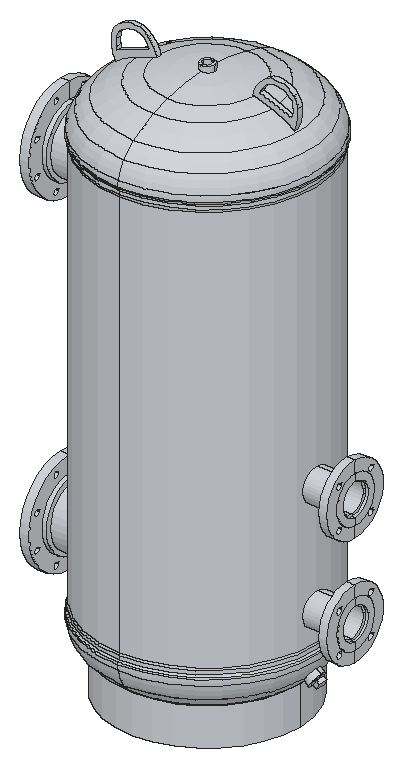
Revit family "HBT-120-36", category Generic Models, Revit 2014
Parameters (values of type "HBT-120-36")
  URL = "http://westank.com/"
  Tank Volume = 120.0 gal
  Part Number = 55641236
  Model = "HBT-120-36"
  Maximum Shipping Weight = 274 lbf
  G = 12"
  B = 6"
  Description = "Wessels ASME 4-port primary-secondary Hot Water Buffer Tanks (HBT) are designed for use with today’s high efficiency systems that incorporate small modular low-mass boilers."
  D = 60"
  C = 24"
  E = 48"
  F = 24"
  A = 3"
Reference planes (in)
  plane 1 "Center (Front/Back)": y = 0
  plane 2: z = 0
  plane 3 "Center (Left/Right)": x = 0
  plane 4: through (12.55282, -180, 5.24135) normal (0.8192, 0, -0.5736)
  plane 5: z = 0
  plane 6: x = -0.0258
  plane 7: x = -12
  plane 8: x = 12
  plane 9: z = 60
  plane 10: z = 12
  plane 11: z = 24
  plane 12: z = 48
Forms (in)
  Revolve 1, solid
    sketch origin (0, -0.02461, 0) x (0, 1, 0) y (0, 0, 1)
      loop
        line (-11.72943, 8.77243) -> (-11.78566, 8.52884) -> (-11.78566, 8.13478)
        arc (-11.78566, 8.13478) -> (-11.81912, 8.00062) -> (-11.91164, 7.89786) r 0.28578
        arc (-11.91164, 7.89786) -> (-11.95692, 7.81968) -> (-11.97558, 7.73128) r 0.28631
        arc (-11.97558, 7.73128) -> (-11.97245, 7.42046) -> (-11.93229, 7.11223) r 2.60351
        arc (-11.93229, 7.11223) -> (-11.64697, 6.20299) -> (-11.16219, 5.38255) r 4.15957
        arc (-11.16219, 5.38255) -> (-10.55779, 4.71313) -> (-9.84784, 4.1569) r 5.25551
        arc (-9.84784, 4.1569) -> (-8.58434, 3.33811) -> (-7.19899, 2.74848) r 8.73435
        arc (-7.19899, 2.74848) -> (-6.25875, 2.4064) -> (-5.29808, 2.12676) r 15.23806
        arc (-5.29808, 2.12676) -> (-2.65772, 1.62908) -> (0.02461, 1.47321) r 20.96361
        line (0.02461, 1.47321) -> (0.02461, 1.61775)
        arc (0.02461, 1.61775) -> (-2.63967, 1.77249) -> (-5.26227, 2.26678) r 20.81908
        arc (-5.26227, 2.26678) -> (-6.21608, 2.54451) -> (-7.14956, 2.88438) r 15.09353
        arc (-7.14956, 2.88438) -> (-8.51704, 3.46602) -> (-9.7638, 4.27464) r 8.58982
        arc (-9.7638, 4.27464) -> (-10.45704, 4.8168) -> (-11.047, 5.46985) r 5.11098
        arc (-11.047, 5.46985) -> (-11.51493, 6.26178) -> (-11.79034, 7.13942) r 4.01504
        arc (-11.79034, 7.13942) -> (-11.82827, 7.43054) -> (-11.83123, 7.72411) r 2.45898
        arc (-11.83123, 7.72411) -> (-11.82458, 7.76052) -> (-11.80874, 7.79397) r 0.14178
        arc (-11.80874, 7.79397) -> (-11.69341, 7.92922) -> (-11.64258, 8.09956) r 0.43032
        line (-11.64258, 8.09956) -> (-11.64258, 8.4958) -> (-11.58634, 8.7394) -> (-11.58634, 52.73382) -> (-11.64258, 52.97741) -> (-11.64258, 53.37366)
        arc (-11.64258, 53.37366) -> (-11.69341, 53.54399) -> (-11.80874, 53.67925) r 0.43032
        arc (-11.80874, 53.67925) -> (-11.82458, 53.7127) -> (-11.83123, 53.7491) r 0.14178
        arc (-11.83123, 53.7491) -> (-11.82827, 54.04267) -> (-11.79034, 54.33379) r 2.45898
        arc (-11.79034, 54.33379) -> (-11.51493, 55.21144) -> (-11.047, 56.00337) r 4.01504
        arc (-11.047, 56.00337) -> (-10.45704, 56.65641) -> (-9.7638, 57.19857) r 5.11098
        arc (-9.7638, 57.19857) -> (-8.51704, 58.00719) -> (-7.14956, 58.58883) r 8.58982
        arc (-7.14956, 58.58883) -> (-6.21608, 58.9287) -> (-5.26227, 59.20643) r 15.09353
        arc (-5.26227, 59.20643) -> (-2.63967, 59.70073) -> (0.02461, 59.85547) r 20.81908
        line (0.02461, 59.85547) -> (0.02461, 60)
        arc (0.02461, 60) -> (-2.65772, 59.84413) -> (-5.29808, 59.34646) r 20.96361
        arc (-5.29808, 59.34646) -> (-6.25875, 59.06681) -> (-7.19899, 58.72473) r 15.23806
        arc (-7.19899, 58.72473) -> (-8.58434, 58.1351) -> (-9.84784, 57.31632) r 8.73435
        arc (-9.84784, 57.31632) -> (-10.55779, 56.76009) -> (-11.16219, 56.09066) r 5.25551
        arc (-11.16219, 56.09066) -> (-11.64697, 55.27022) -> (-11.93229, 54.36098) r 4.15957
        arc (-11.93229, 54.36098) -> (-11.97245, 54.05275) -> (-11.97558, 53.74193) r 2.60351
        arc (-11.97558, 53.74193) -> (-11.95692, 53.65354) -> (-11.91164, 53.57536) r 0.28631
        arc (-11.91164, 53.57536) -> (-11.81912, 53.4726) -> (-11.78566, 53.33843) r 0.28578
        line (-11.78566, 53.33843) -> (-11.78566, 52.94437) -> (-11.72943, 52.70078) -> (-11.72943, 8.77243)
      axis (0.02461, 1.47321) -> (0.02461, 60)
    angle from 0 to 360
  Revolve 2, solid
    sketch origin (-13.31312, 0, -17.60969) x (0.999996, 0, -0.002792) y (0.002792, 0, 0.999996)
      loop
        line (24.95603, 23.79747) -> (24.90436, 23.83351) -> (24.49286, 23.24353) -> (25.10843, 22.81419) -> (25.48438, 23.35322) -> (25.43312, 23.38897) -> (25.55755, 23.56737) -> (25.04492, 23.92491) -> (24.95603, 23.79747)
      axis (24.49286, 23.24353) -> (25.10843, 22.81419)
    angle from 0 to 360
  Extrusion 3, solid
    sketch origin (11.29211, -180, 6.1145) x (0.574357, 0, 0.818605) y (0, -1, 0)
      loop
        line (-0.16036, -179.52645) -> (-0.95521, -179.68698) -> (-0.79485, -180.48095) -> (0, -180.32042) -> (-0.16036, -179.52645)
    from 1.02698 to 1.52678
  Extrusion 4, solid
    sketch origin (0, 0, 0) x (1, 0, 0) y (0, 1, 0)
      loop
        circle (0, 0) r 0.75
      loop
        circle (0, 0) r 0.5
    from 59.84944 to 60.51895
  Extrusion 5, void
    sketch origin (0, 0, 0) x (1, 0, 0) y (0, 1, 0)
      loop
        circle (0, 0) r 0.5
    from 55.71073 to 62.35572
  Revolve 6, solid
    sketch origin (0, 0, 0) x (1, 0, 0) y (0, 0, 1)
      loop
        line (9.87341, 4.12139) -> (9.87341, 0) -> (9.99844, 0) -> (9.99844, 4.12139) -> (9.87341, 4.12139)
      axis (0, 4.12139) -> (0, 0)
    angle from 0 to 360
  Extrusion 7, solid
    sketch origin (-25.94969, -0.08071, 39.84854) x (0.34202, 0, -0.939693) y (0.939693, 0, 0.34202)
      loop
        arc (-11.9298, 25.67102) -> (-12.15596, 25.63246) -> (-12.38023, 25.58408) r 5.2625
        arc (-12.38023, 25.58408) -> (-12.78497, 25.45482) -> (-13.16591, 25.26664) r 2.84116
        arc (-13.16591, 25.26664) -> (-13.45733, 25.04186) -> (-13.68503, 24.75271) r 1.49558
        arc (-13.68503, 24.75271) -> (-13.8, 24.46408) -> (-13.86349, 24.15994) r 1.7957
        arc (-13.86349, 24.15994) -> (-13.88475, 23.80361) -> (-13.86349, 23.44728) r 2.99674
        arc (-13.86349, 23.44728) -> (-13.79114, 23.11862) -> (-13.65649, 22.81019) r 1.72881
        arc (-13.65649, 22.81019) -> (-13.39922, 22.48527) -> (-13.05253, 22.25816) r 1.29608
        arc (-13.05253, 22.25816) -> (-12.66159, 22.07193) -> (-12.239, 21.97739) r 1.9331
        arc (-12.239, 21.97739) -> (-12.08496, 21.94521) -> (-11.9298, 21.91889) r 4.14312
        line (-11.9298, 21.91889) -> (-11.9298, 25.67102)
      loop
        line (-10.9298, 21.34797) -> (-10.9298, 26.14148)
        arc (-10.9298, 26.14148) -> (-11.99706, 26.18465) -> (-13.02719, 25.90227) r 3.48194
        arc (-13.02719, 25.90227) -> (-13.54727, 25.6041) -> (-13.99851, 25.20943) r 3.03185
        arc (-13.99851, 25.20943) -> (-14.28248, 24.55653) -> (-14.39992, 23.8543) r 2.91879
        arc (-14.39992, 23.8543) -> (-14.3348, 23.1787) -> (-14.08611, 22.54717) r 2.44012
        arc (-14.08611, 22.54717) -> (-13.716, 22.08641) -> (-13.21844, 21.76749) r 1.83162
        arc (-13.21844, 21.76749) -> (-12.09799, 21.42749) -> (-10.9298, 21.34797) r 5.1769
    from -0.24366 to 0.25634
  Extrusion 8, solid
    sketch origin (25.94969, -0.08071, 39.84854) x (-0.34202, 0, -0.939693) y (0.939693, 0, -0.34202)
      loop
        line (-11.9298, -25.67102) -> (-11.9298, -21.91889)
        arc (-11.9298, -21.91889) -> (-12.08496, -21.94521) -> (-12.239, -21.97739) r 4.14312
        arc (-12.239, -21.97739) -> (-12.66159, -22.07193) -> (-13.05253, -22.25816) r 1.9331
        arc (-13.05253, -22.25816) -> (-13.39922, -22.48527) -> (-13.65649, -22.81019) r 1.29608
        arc (-13.65649, -22.81019) -> (-13.79114, -23.11862) -> (-13.86349, -23.44728) r 1.72881
        arc (-13.86349, -23.44728) -> (-13.88475, -23.80361) -> (-13.86349, -24.15994) r 2.99674
        arc (-13.86349, -24.15994) -> (-13.8, -24.46408) -> (-13.68503, -24.75271) r 1.7957
        arc (-13.68503, -24.75271) -> (-13.45733, -25.04186) -> (-13.16591, -25.26664) r 1.49558
        arc (-13.16591, -25.26664) -> (-12.78497, -25.45482) -> (-12.38023, -25.58408) r 2.84116
        arc (-12.38023, -25.58408) -> (-12.15596, -25.63246) -> (-11.9298, -25.67102) r 5.2625
      loop
        arc (-10.9298, -21.34797) -> (-12.09799, -21.42749) -> (-13.21844, -21.76749) r 5.1769
        arc (-13.21844, -21.76749) -> (-13.716, -22.08641) -> (-14.08611, -22.54717) r 1.83162
        arc (-14.08611, -22.54717) -> (-14.3348, -23.1787) -> (-14.39992, -23.8543) r 2.44012
        arc (-14.39992, -23.8543) -> (-14.28248, -24.55653) -> (-13.99851, -25.20943) r 2.91879
        arc (-13.99851, -25.20943) -> (-13.54727, -25.6041) -> (-13.02719, -25.90227) r 3.03185
        arc (-13.02719, -25.90227) -> (-11.99706, -26.18465) -> (-10.9298, -26.14148) r 3.48194
        line (-10.9298, -26.14148) -> (-10.9298, -21.34797)
    from -0.24366 to 0.25634
  Revolve 9, solid
    sketch origin (5.13777, 0, 34.501) x (-1, 0, 0) y (0, 0, 1)
      loop
        line (19.41788, 10.1865) -> (19.41788, 9.71776) -> (19.98038, 9.71776) -> (19.98038, 7.99898) -> (20.91788, 7.99898) -> (20.91788, 9.249) -> (20.98046, 9.249) -> (20.98046, 10.1865) -> (19.41788, 10.1865)
      axis (20.98046, 13.499) -> (19.41788, 13.499)
    angle from 0 to 360
  Revolve 10, solid
    sketch origin (5.13777, 0, 34.501) x (1, 0, 0) y (0, 0, 1)
      loop
        line (-16.10538, 10.46639) -> (-20.48038, 10.46639) -> (-20.48038, 10.1865) -> (-16.10538, 10.1865) -> (-16.10538, 10.46639)
      axis (-20.48038, 13.499) -> (-16.10538, 13.499)
    angle from 0 to 360
  Extrusion 11, void
    sketch origin (3.1573, 0, -13.5) x (0, 1, 0) y (0, 0, 1)
      loop
        circle (0, 61.5) r 3.03261
    from -20.59822 to -10.25113
  Extrusion 12, void
    sketch origin (-25.09253, 0, 33) x (0, 1, 0) y (0, 0, -1)
      loop
        circle (1.8293, -19.40344) r 0.3623
      loop
        circle (-1.81148, -19.36766) r 0.3655
      loop
        circle (-4.38451, -16.7939) r 0.36521
      loop
        circle (-4.38301, -13.16716) r 0.36795
      loop
        circle (-1.81312, -10.60392) r 0.36863
      loop
        circle (1.81348, -10.60024) r 0.35944
      loop
        circle (4.38824, -13.18878) r 0.38414
      loop
        circle (4.41227, -16.80764) r 0.36614
    from -11.82382 to -7.65161
  Revolve 13, solid
    sketch origin (5.13777, 0, -1.499) x (-1, 0, 0) y (0, 0, 1)
      loop
        line (19.41788, 10.1865) -> (19.41788, 9.71776) -> (19.98038, 9.71776) -> (19.98038, 7.99898) -> (20.91788, 7.99898) -> (20.91788, 9.249) -> (20.98046, 9.249) -> (20.98046, 10.1865) -> (19.41788, 10.1865)
      axis (20.98046, 13.499) -> (19.41788, 13.499)
    angle from 0 to 360
  Revolve 14, solid
    sketch origin (5.13777, 0, -1.499) x (1, 0, 0) y (0, 0, 1)
      loop
        line (-16.10538, 10.46639) -> (-20.48038, 10.46639) -> (-20.48038, 10.1865) -> (-16.10538, 10.1865) -> (-16.10538, 10.46639)
      axis (-20.48038, 13.499) -> (-16.10538, 13.499)
    angle from 0 to 360
  Extrusion 15, void
    sketch origin (3.1573, 0, -49.5) x (0, 1, 0) y (0, 0, 1)
      loop
        circle (0, 61.5) r 3.03261
    from -20.59822 to -10.25113
  Extrusion 16, void
    sketch origin (-25.09253, 0, -3) x (0, 1, 0) y (0, 0, -1)
      loop
        circle (1.8293, -19.40344) r 0.3623
      loop
        circle (-1.81148, -19.36766) r 0.3655
      loop
        circle (-4.38451, -16.7939) r 0.36521
      loop
        circle (-4.38301, -13.16716) r 0.36795
      loop
        circle (-1.81312, -10.60392) r 0.36863
      loop
        circle (1.81348, -10.60024) r 0.35944
      loop
        circle (4.38824, -13.18878) r 0.38414
      loop
        circle (4.41227, -16.80764) r 0.36614
    from -11.82382 to -7.65161
  Extrusion 17, void
    sketch origin (0, 0, 0.25) x (0, 1, 0) y (0, 0, 1)
      loop
        circle (0, 23.7482) r 1.53402
    from 8.71275 to 17.27456
  Extrusion 18, void
    sketch origin (0, 0, 0) x (0, 1, 0) y (0, 0, 1)
      loop
        circle (2.14269, 26.08378) r 0.37667
      loop
        circle (2.10148, 21.85286) r 0.37667
      loop
        circle (-2.14269, 26.12499) r 0.37667
      loop
        circle (-2.15642, 21.89407) r 0.37667
    from 13.68813 to 17.55318
  Revolve 19, solid
    sketch origin (3.00177, 0, 1.25063) x (1, 0, 0) y (0, 0, 1)
      loop
        line (11.74708, 20.99906) -> (11.74708, 20.6226) -> (11.99716, 20.6226) -> (11.99716, 18.99765) -> (12.87216, 18.99765) -> (12.87216, 20.24765) -> (12.93466, 20.24765) -> (12.93466, 20.99906) -> (11.74708, 20.99906)
      axis (12.93466, 22.74756) -> (11.74708, 22.74756)
    angle from 0 to 360
  Revolve 20, solid
    sketch origin (3.60333, 0, 1.22133) x (-1, 0, 0) y (0, 0, 1)
      loop
        line (-11.9581, 21.24284) -> (-11.9581, 21.02686) -> (-7.8331, 21.02686) -> (-7.8331, 21.24284) -> (-11.9581, 21.24284)
      axis (-11.9581, 22.77686) -> (-7.8331, 22.77686)
    angle from 0 to 360
  Revolve 21, solid
    sketch origin (3.00177, 0, 1.25063) x (1, 0, 0) y (0, 0, 1)
      loop
        line (11.7503, 9.00108) -> (11.7503, 8.62256) -> (11.99712, 8.62256) -> (11.99712, 6.99756) -> (12.8753, 6.99756) -> (12.8753, 8.24732) -> (12.9378, 8.24732) -> (12.9378, 9.00108) -> (11.7503, 9.00108)
      axis (12.9378, 10.74756) -> (11.7503, 10.74756)
    angle from 0 to 360
  Revolve 22, solid
    sketch origin (3.60333, 0, 1.22133) x (-1, 0, 0) y (0, 0, 1)
      loop
        line (-11.96124, 9.24218) -> (-11.96124, 9.02784) -> (-7.83624, 9.02784) -> (-7.83624, 9.24218) -> (-11.96124, 9.24218)
      axis (-11.96124, 10.77686) -> (-7.83624, 10.77686)
    angle from 0 to 360
  Extrusion 23, void
    sketch origin (0, 0, 0) x (0, 1, 0) y (0, 0, -1)
      loop
        circle (2.1141, -14.11626) r 0.39832
      loop
        circle (-2.1141, -14.11626) r 0.39832
      loop
        circle (2.1141, -9.86626) r 0.39832
      loop
        circle (-2.1141, -9.86626) r 0.39832
    from -17.52078 to -13.50229
  Extrusion 24, void
    sketch origin (0, 0, -11.75098) x (0, 1, 0) y (0, 0, 1)
      loop
        circle (0, 23.7482) r 1.53402
    from 8.71275 to 17.27456
Cuts and joins
  joined: Extrusion 3, Extrusion 4, Revolve 6
  Extrusion 5, Extrusion 11, Extrusion 15, Extrusion 17, Extrusion 24 cuts Revolve 1
  Extrusion 11, Extrusion 15 cuts Revolve 10
  Extrusion 12, Extrusion 16 cuts Revolve 9
  Extrusion 15 cuts Revolve 14
  Extrusion 16 cuts Revolve 13
  Extrusion 17 cuts Revolve 20
  Extrusion 18 cuts Revolve 19
  Extrusion 23 cuts Revolve 21
Dimensions and locks (in)
  "D": plane 9 to level
  "C": plane 8 to plane 7
  "G": plane 10 to level
  "F": plane 11 to level
  "E": plane 12 to level
  aligned and locked: plane 2 to level
Automatic sketch dimensions
  Revolve 1 sketch curve to Revolve 1 sketch curve = 0"  (x44)
  Revolve 1 sketch curve to plane 1 "Center (Front/Back)" = 0"  (x3)
  plane 1 "Center (Front/Back)" to Revolve 1 sketch curve = 0.12751"  (x2)
  plane 1 "Center (Front/Back)" to Revolve 1 sketch curve = 1.54641"  (x2)
  Revolve 1 sketch curve to plane 10 = 0.94992"
  plane 1 "Center (Front/Back)" to Revolve 1 sketch curve = 4.50842"  (x2)
  plane 12 to Revolve 1 sketch curve = 2.42313"
  Revolve 1 sketch curve to Revolve 1 sketch curve = 2.48973"  (x2)
  Revolve 1 sketch curve to Revolve 1 sketch curve = 0.87346"  (x2)
  Revolve 1 sketch curve to Revolve 1 sketch curve = 1.52828"  (x2)
  plane 12 to Revolve 1 sketch curve = 4.73382"
  Revolve 1 sketch curve to Revolve 1 sketch curve = 2.21106"
  Revolve 1 sketch curve to Revolve 1 sketch curve = 0.05624"  (x2)
  Revolve 1 sketch curve to Revolve 1 sketch curve = 0.04705"  (x2)
  plane 12 to Revolve 1 sketch curve = 4.70078"
  Revolve 1 sketch curve to Revolve 1 sketch curve = 0.14309"  (x3)
  Revolve 1 sketch curve to plane 10 = 3.47116"
  Revolve 1 sketch curve to Revolve 1 sketch curve = 0.28578"  (x2)
  Revolve 1 sketch curve to Revolve 1 sketch curve = 0.03303"  (x3)
  Revolve 1 sketch curve to Revolve 1 sketch curve = 0.36102"
  Revolve 1 sketch curve to Revolve 1 sketch curve = 0.03523"  (x2)
  Revolve 1 sketch curve to Revolve 1 sketch curve = 0.20471"
  Revolve 1 sketch curve to Revolve 1 sketch curve = 0.38248"  (x2)
  Revolve 1 sketch curve to Revolve 1 sketch curve = 0.29277"  (x2)
  level to Revolve 1 sketch curve = 1.61775"
  Revolve 1 sketch curve to Revolve 1 sketch curve = 37/256"
  Revolve 1 sketch curve to Revolve 1 sketch curve = 0.66192"  (x2)
  Revolve 1 sketch curve to Revolve 1 sketch curve = 0.24359"  (x2)
  plane 10 to Revolve 1 sketch curve = 4.88948"
  Revolve 1 sketch curve to plane 11 = 1.56356"
  Revolve 1 sketch curve to plane 12 = 8.96323"
  Revolve 1 sketch curve to plane 12 = 3.41627"
  Revolve 1 sketch curve to Revolve 1 sketch curve = 2.49332"
  Revolve 1 sketch curve to Revolve 1 sketch curve = 0.39406"
  Revolve 1 sketch curve to plane 9 = 37/256"
  plane 9 to Revolve 1 sketch curve = 0"
  Revolve 1 sketch curve to Revolve 1 sketch curve = 1.88729"
  Revolve 1 sketch curve to plane 9 = 1.41117"
  Revolve 1 sketch curve to Revolve 1 sketch curve = 0.04943"  (x2)
  Revolve 1 sketch curve to Revolve 1 sketch curve = 2.61424"
  Revolve 1 sketch curve to plane 9 = 2.80143"
  Revolve 1 sketch curve to Revolve 1 sketch curve = 0.08403"  (x2)
  Revolve 1 sketch curve to Revolve 1 sketch curve = 0.02249"  (x2)
  Revolve 1 sketch curve to Revolve 1 sketch curve = 0.1029"  (x2)
  plane 11 to Revolve 1 sketch curve = 4.89308"
  Revolve 1 sketch curve to Revolve 1 sketch curve = 3 3/4"
  Revolve 2 sketch curve to plane 8 = 0.75545"
  Revolve 2 sketch curve to plane 4 = 1.2575"
  Revolve 2 sketch curve to Revolve 2 sketch curve = 0.4115"
  Revolve 2 sketch curve to Revolve 2 sketch curve = 0.05167"
  Revolve 2 sketch curve to Revolve 2 sketch curve = 0.08888"
  Revolve 2 sketch curve to Revolve 2 sketch curve = 0.61556"
  Revolve 2 sketch curve to Revolve 2 sketch curve = 0.47709"
  Revolve 2 sketch curve to Revolve 2 sketch curve = 0.05126"
  Revolve 2 sketch curve to Revolve 2 sketch curve = 0.42934"
  Revolve 2 sketch curve to Revolve 2 sketch curve = 0.12768"
  Revolve 2 sketch curve to Revolve 2 sketch curve = 0"  (x2)
  Revolve 2 sketch curve to Revolve 2 sketch curve = 0.08905"
  plane 1 "Center (Front/Back)" to Extrusion 3 sketch curve = 0.31302"
  Extrusion 3 sketch curve to plane 1 "Center (Front/Back)" = 0.48095"
  Extrusion 3 sketch curve to Extrusion 3 sketch curve = 0.16036"  (x2)
  plane 1 "Center (Front/Back)" to Extrusion 3 sketch curve = 0.47355"
  Extrusion 3 sketch curve to Extrusion 3 sketch curve = 0.79485"
  Extrusion 3 sketch curve to plane 1 "Center (Front/Back)" = 0.32042"
  Extrusion 4 sketch curve to Extrusion 4 sketch curve = 0"  (x2)
  plane 1 "Center (Front/Back)" to Extrusion 4 sketch curve = 0"
  Extrusion 4 sketch curve to plane 3 "Center (Left/Right)" = 0"
  Extrusion 5 sketch curve to Extrusion 5 sketch curve = 0"  (x2)
  plane 1 "Center (Front/Back)" to Extrusion 5 sketch curve = 0"
  Extrusion 5 sketch curve to plane 3 "Center (Left/Right)" = 0"
  plane 6 to Extrusion 5 sketch curve = 0.4742"
  Revolve 6 sketch curve to plane 3 "Center (Left/Right)" = 0"
  Revolve 6 sketch curve to level = 0"
  Revolve 6 sketch curve to plane 8 = 2.12659"
  Revolve 6 sketch curve to Revolve 6 sketch curve = 0.12503"
  level to Revolve 6 sketch curve = 4.12139"
  level to Revolve 6 sketch curve = 4.69941"
  Revolve 6 sketch curve to Revolve 6 sketch curve = 1"
  Extrusion 7 sketch curve to plane 9 = 0.3644"
  plane 7 to Extrusion 7 sketch curve = 3.79479"
  Extrusion 7 sketch curve to Extrusion 7 sketch curve = 0.03301"
  Extrusion 7 sketch curve to Extrusion 7 sketch curve = 0.08665"
  Extrusion 7 sketch curve to Extrusion 7 sketch curve = 0.34483"
  Extrusion 7 sketch curve to Extrusion 7 sketch curve = 17/256"
  Extrusion 7 sketch curve to Extrusion 7 sketch curve = 0.04958"
  Extrusion 7 sketch curve to Extrusion 7 sketch curve = 0.06885"
  Extrusion 7 sketch curve to Extrusion 7 sketch curve = 0.15073"
  Extrusion 7 sketch curve to Extrusion 7 sketch curve = 0.36028"
  Extrusion 7 sketch curve to Extrusion 7 sketch curve = 0.06601"
  Extrusion 7 sketch curve to Extrusion 7 sketch curve = 0.11815"
  Extrusion 7 sketch curve to Extrusion 7 sketch curve = 0.47821"
  Extrusion 7 sketch curve to Extrusion 7 sketch curve = 0.6151"
  Extrusion 7 sketch curve to Extrusion 7 sketch curve = 0.15011"
  Extrusion 7 sketch curve to Extrusion 7 sketch curve = 0.77126"
  Extrusion 7 sketch curve to Extrusion 7 sketch curve = 0.3849"
  Extrusion 7 sketch curve to Extrusion 7 sketch curve = 0.59588"
  Extrusion 7 sketch curve to Extrusion 7 sketch curve = 0.3061"
  Extrusion 7 sketch curve to Extrusion 7 sketch curve = 0.31529"
  Extrusion 7 sketch curve to Extrusion 7 sketch curve = 0.0954"
  Extrusion 7 sketch curve to Extrusion 7 sketch curve = 0.80625"
  Extrusion 7 sketch curve to Extrusion 7 sketch curve = 0.57092"
  Extrusion 7 sketch curve to Extrusion 7 sketch curve = 0.88262"
  Extrusion 7 sketch curve to Extrusion 7 sketch curve = 0.00686"
  Extrusion 7 sketch curve to Extrusion 7 sketch curve = 0.20406"
  Extrusion 7 sketch curve to Extrusion 7 sketch curve = 0.59172"
  Extrusion 7 sketch curve to Extrusion 7 sketch curve = 0.09548"
  Extrusion 7 sketch curve to Extrusion 7 sketch curve = 0.07607"
  Extrusion 7 sketch curve to Extrusion 7 sketch curve = 0.15093"
  Extrusion 7 sketch curve to Extrusion 7 sketch curve = 0.04716"
  Extrusion 7 sketch curve to Extrusion 7 sketch curve = 0.0326"
  Extrusion 7 sketch curve to Extrusion 7 sketch curve = 1.7246"
  Extrusion 7 sketch curve to Extrusion 7 sketch curve = 0.34507"
  Extrusion 7 sketch curve to Extrusion 7 sketch curve = 0.12538"
  Extrusion 7 sketch curve to Extrusion 7 sketch curve = 0.37807"
  Extrusion 7 sketch curve to Extrusion 7 sketch curve = 0"  (x6)
  Extrusion 7 sketch curve to Extrusion 7 sketch curve = 0.1659"
  Extrusion 7 sketch curve to Extrusion 7 sketch curve = 0.13872"
  Extrusion 7 sketch curve to Extrusion 7 sketch curve = 0.42962"
  Extrusion 7 sketch curve to Extrusion 7 sketch curve = 0.51913"
  Extrusion 7 sketch curve to Extrusion 7 sketch curve = 0.31348"
  Extrusion 8 sketch curve to plane 9 = 0.3644"
  Extrusion 8 sketch curve to plane 8 = 3.79479"
  Extrusion 8 sketch curve to Extrusion 8 sketch curve = 0.03301"
  Extrusion 8 sketch curve to Extrusion 8 sketch curve = 0.08665"
  Extrusion 8 sketch curve to Extrusion 8 sketch curve = 0.34483"
  Extrusion 8 sketch curve to Extrusion 8 sketch curve = 17/256"
  Extrusion 8 sketch curve to Extrusion 8 sketch curve = 0.04958"
  Extrusion 8 sketch curve to Extrusion 8 sketch curve = 0.06885"
  Extrusion 8 sketch curve to Extrusion 8 sketch curve = 0.15073"
  Extrusion 8 sketch curve to Extrusion 8 sketch curve = 0.36028"
  Extrusion 8 sketch curve to Extrusion 8 sketch curve = 0.06601"
  Extrusion 8 sketch curve to Extrusion 8 sketch curve = 0.11815"
  Extrusion 8 sketch curve to Extrusion 8 sketch curve = 0.47821"
  Extrusion 8 sketch curve to Extrusion 8 sketch curve = 0.6151"
  Extrusion 8 sketch curve to Extrusion 8 sketch curve = 0.15011"
  Extrusion 8 sketch curve to Extrusion 8 sketch curve = 0.77126"
  Extrusion 8 sketch curve to Extrusion 8 sketch curve = 0.3849"
  Extrusion 8 sketch curve to Extrusion 8 sketch curve = 0.59588"
  Extrusion 8 sketch curve to Extrusion 8 sketch curve = 0.00686"
  Extrusion 8 sketch curve to Extrusion 8 sketch curve = 0.20406"
  Extrusion 8 sketch curve to Extrusion 8 sketch curve = 0.0747"
  Extrusion 8 sketch curve to Extrusion 8 sketch curve = 0.09548"
  Extrusion 8 sketch curve to Extrusion 8 sketch curve = 0.07607"
  Extrusion 8 sketch curve to Extrusion 8 sketch curve = 0.15093"
  Extrusion 8 sketch curve to Extrusion 8 sketch curve = 0.04716"
  Extrusion 8 sketch curve to Extrusion 8 sketch curve = 0.0326"
  Extrusion 8 sketch curve to Extrusion 8 sketch curve = 1.7246"
  Extrusion 8 sketch curve to Extrusion 8 sketch curve = 0.34507"
  Extrusion 8 sketch curve to Extrusion 8 sketch curve = 0.12538"
  Extrusion 8 sketch curve to Extrusion 8 sketch curve = 0.37807"
  Extrusion 8 sketch curve to Extrusion 8 sketch curve = 0.51702"
  Extrusion 8 sketch curve to Extrusion 8 sketch curve = 0.31529"
  Extrusion 8 sketch curve to Extrusion 8 sketch curve = 0.0954"
  Extrusion 8 sketch curve to Extrusion 8 sketch curve = 0.80625"
  Extrusion 8 sketch curve to Extrusion 8 sketch curve = 0.57092"
  Extrusion 8 sketch curve to Extrusion 8 sketch curve = 0.88262"
  Extrusion 8 sketch curve to Extrusion 8 sketch curve = 0"  (x6)
  Extrusion 8 sketch curve to Extrusion 8 sketch curve = 0.1659"
  Extrusion 8 sketch curve to Extrusion 8 sketch curve = 0.13872"
  Extrusion 8 sketch curve to Extrusion 8 sketch curve = 0.42962"
  Extrusion 8 sketch curve to Extrusion 8 sketch curve = 0.51913"
  Extrusion 8 sketch curve to Extrusion 8 sketch curve = 0.31348"
  Revolve 9 sketch curve to plane 12 = 0"
  plane 7 to Revolve 9 sketch curve = 2.28011"
  Revolve 9 sketch curve to Revolve 9 sketch curve = 9/16"
  Revolve 9 sketch curve to Revolve 9 sketch curve = 15/16"  (x2)
  Revolve 9 sketch curve to Revolve 9 sketch curve = 0.06258"
  plane 12 to Revolve 9 sketch curve = 3 5/16"
  Revolve 9 sketch curve to Revolve 9 sketch curve = 15/32"
  Revolve 9 sketch curve to Revolve 9 sketch curve = 1.25002"
  Revolve 9 sketch curve to plane 7 = 1.78235"
  Revolve 9 sketch curve to Revolve 9 sketch curve = 1 1/4"
  Revolve 10 sketch curve to plane 12 = 0"
  Revolve 10 sketch curve to plane 7 = 3.34261"
  plane 7 to Revolve 10 sketch curve = 1.03239"
  Revolve 10 sketch curve to plane 12 = 3.03261"
  Revolve 10 sketch curve to Revolve 10 sketch curve = 0.27989"
  plane 7 to Revolve 10 sketch curve = 2.6722"
  Revolve 10 sketch curve to Revolve 10 sketch curve = 0.36015"
  Extrusion 11 sketch curve to Extrusion 11 sketch curve = 0"  (x2)
  Extrusion 11 sketch curve to plane 1 "Center (Front/Back)" = 0"
  Extrusion 11 sketch curve to plane 12 = 0"
  Extrusion 11 sketch curve to Extrusion 11 sketch curve = 3.03261"
  plane 12 to Extrusion 12 sketch curve = 1.7939"
  plane 1 "Center (Front/Back)" to Extrusion 12 sketch curve = 4.38451"
  Extrusion 12 sketch curve to Extrusion 12 sketch curve = 0.0015"
  plane 1 "Center (Front/Back)" to Extrusion 12 sketch curve = 1.81312"
  plane 1 "Center (Front/Back)" to Extrusion 12 sketch curve = 1.81148"
  Extrusion 12 sketch curve to plane 1 "Center (Front/Back)" = 1.81348"
  Extrusion 12 sketch curve to plane 1 "Center (Front/Back)" = 1.8293"
  Extrusion 12 sketch curve to plane 12 = 1.81122"
  Extrusion 12 sketch curve to Extrusion 12 sketch curve = 2.57476"
  plane 12 to Extrusion 12 sketch curve = 1.80764"
  Extrusion 12 sketch curve to Extrusion 12 sketch curve = 0.02402"
  Extrusion 12 sketch curve to Extrusion 12 sketch curve = 2.57376"
  Extrusion 12 sketch curve to Extrusion 12 sketch curve = 0.03578"
  Extrusion 12 sketch curve to plane 12 = 1.83284"
  Extrusion 12 sketch curve to Extrusion 12 sketch curve = 2.56324"
  Extrusion 12 sketch curve to Extrusion 12 sketch curve = 0.00368"
  Revolve 13 sketch curve to plane 10 = 0"
  plane 7 to Revolve 13 sketch curve = 2.28011"
  Revolve 13 sketch curve to Revolve 13 sketch curve = 9/16"
  Revolve 13 sketch curve to Revolve 13 sketch curve = 15/16"  (x2)
  Revolve 13 sketch curve to Revolve 13 sketch curve = 0.06258"
  plane 10 to Revolve 13 sketch curve = 3 5/16"
  Revolve 13 sketch curve to Revolve 13 sketch curve = 15/32"
  Revolve 13 sketch curve to Revolve 13 sketch curve = 1.25002"
  Revolve 13 sketch curve to plane 7 = 1.78235"
  Revolve 13 sketch curve to Revolve 13 sketch curve = 1 1/4"
  Revolve 14 sketch curve to plane 10 = 0"
  Revolve 14 sketch curve to plane 7 = 3.34261"
  plane 7 to Revolve 14 sketch curve = 1.03239"
  Revolve 14 sketch curve to plane 10 = 3.03261"
  Revolve 14 sketch curve to Revolve 14 sketch curve = 0.27989"
  plane 7 to Revolve 14 sketch curve = 2.6722"
  Revolve 14 sketch curve to Revolve 14 sketch curve = 0.36015"
  Extrusion 15 sketch curve to Extrusion 15 sketch curve = 0"  (x2)
  Extrusion 15 sketch curve to plane 1 "Center (Front/Back)" = 0"
  Extrusion 15 sketch curve to plane 10 = 0"
  Extrusion 15 sketch curve to Extrusion 15 sketch curve = 3.03261"
  plane 10 to Extrusion 16 sketch curve = 1.7939"
  plane 1 "Center (Front/Back)" to Extrusion 16 sketch curve = 4.38451"
  Extrusion 16 sketch curve to Extrusion 16 sketch curve = 0.0015"
  plane 1 "Center (Front/Back)" to Extrusion 16 sketch curve = 1.81312"
  plane 1 "Center (Front/Back)" to Extrusion 16 sketch curve = 1.81148"
  Extrusion 16 sketch curve to plane 1 "Center (Front/Back)" = 1.81348"
  Extrusion 16 sketch curve to plane 1 "Center (Front/Back)" = 1.8293"
  Extrusion 16 sketch curve to plane 10 = 1.81122"
  Extrusion 16 sketch curve to Extrusion 16 sketch curve = 2.57476"
  plane 10 to Extrusion 16 sketch curve = 1.80764"
  Extrusion 16 sketch curve to Extrusion 16 sketch curve = 0.02402"
  Extrusion 16 sketch curve to Extrusion 16 sketch curve = 2.57376"
  Extrusion 16 sketch curve to Extrusion 16 sketch curve = 0.03578"
  Extrusion 16 sketch curve to plane 10 = 1.83284"
  Extrusion 16 sketch curve to Extrusion 16 sketch curve = 2.56324"
  Extrusion 16 sketch curve to Extrusion 16 sketch curve = 0.00368"
  Extrusion 17 sketch curve to Extrusion 17 sketch curve = 0"  (x2)
  Extrusion 17 sketch curve to plane 1 "Center (Front/Back)" = 0"
  Extrusion 17 sketch curve to plane 11 = 0.0018"
  Extrusion 17 sketch curve to Extrusion 17 sketch curve = 1.53402"
  plane 1 "Center (Front/Back)" to Extrusion 18 sketch curve = 2.15642"
  plane 1 "Center (Front/Back)" to Extrusion 18 sketch curve = 2.14269"
  Extrusion 18 sketch curve to plane 1 "Center (Front/Back)" = 2.10148"
  Extrusion 18 sketch curve to plane 1 "Center (Front/Back)" = 2.14269"
  Extrusion 18 sketch curve to plane 11 = 2.14714"
  Extrusion 18 sketch curve to plane 11 = 2.10593"
  plane 11 to Extrusion 18 sketch curve = 2.08378"
  plane 11 to Extrusion 18 sketch curve = 2 1/8"
  plane 8 to Revolve 19 sketch curve = 2.74885"
  Revolve 19 sketch curve to Revolve 19 sketch curve = 0.25008"
  Revolve 19 sketch curve to Revolve 19 sketch curve = 7/8"
  Revolve 19 sketch curve to Revolve 19 sketch curve = 1/16"
  Revolve 19 sketch curve to plane 11 = 3.75171"
  Revolve 19 sketch curve to Revolve 19 sketch curve = 1 1/4"
  Revolve 19 sketch curve to Revolve 19 sketch curve = 0.37494"
  Revolve 19 sketch curve to Revolve 19 sketch curve = 0.37647"
  Revolve 19 sketch curve to plane 11 = 0.0018"
  Revolve 19 sketch curve to plane 8 = 0.56357"
  Revolve 19 sketch curve to Revolve 19 sketch curve = 0.68278"
  plane 11 to Revolve 20 sketch curve = 1.75181"
  Revolve 20 sketch curve to plane 8 = 3.56143"
  plane 8 to Revolve 20 sketch curve = 0.56357"  (x2)
  Revolve 20 sketch curve to Revolve 20 sketch curve = 0.21598"
  plane 11 to Revolve 20 sketch curve = 0.0018"
  Revolve 20 sketch curve to Revolve 20 sketch curve = 0.36015"
  plane 8 to Revolve 21 sketch curve = 2.75207"
  Revolve 21 sketch curve to Revolve 21 sketch curve = 0.24683"
  Revolve 21 sketch curve to Revolve 21 sketch curve = 0.87817"
  Revolve 21 sketch curve to Revolve 21 sketch curve = 1/16"
  Revolve 21 sketch curve to plane 10 = 3.75181"
  Revolve 21 sketch curve to Revolve 21 sketch curve = 1.24976"
  Revolve 21 sketch curve to Revolve 21 sketch curve = 0.37525"
  Revolve 21 sketch curve to Revolve 21 sketch curve = 0.37852"
  Revolve 21 sketch curve to plane 10 = 0.0018"
  Revolve 21 sketch curve to plane 8 = 0.56043"
  Revolve 21 sketch curve to Revolve 21 sketch curve = 0.68278"
  plane 10 to Revolve 22 sketch curve = 1.75083"
  Revolve 22 sketch curve to plane 8 = 3.56457"
  plane 8 to Revolve 22 sketch curve = 0.56043"  (x2)
  Revolve 22 sketch curve to Revolve 22 sketch curve = 0.21435"
  plane 10 to Revolve 22 sketch curve = 0.0018"
  Revolve 22 sketch curve to Revolve 22 sketch curve = 0.36015"
  Extrusion 23 sketch curve to Extrusion 23 sketch curve = 0"  (x8)
  plane 1 "Center (Front/Back)" to Extrusion 23 sketch curve = 2.1141"  (x2)
  Extrusion 23 sketch curve to plane 1 "Center (Front/Back)" = 2.1141"  (x2)
  plane 10 to Extrusion 23 sketch curve = 2.11626"  (x2)
  Extrusion 23 sketch curve to plane 10 = 2.13374"  (x2)
  Extrusion 23 sketch curve to Extrusion 23 sketch curve = 0.39832"  (x4)
  Extrusion 24 sketch curve to Extrusion 24 sketch curve = 0"  (x2)
  Extrusion 24 sketch curve to plane 1 "Center (Front/Back)" = 0"
  Extrusion 24 sketch curve to plane 10 = 0.00278"
  Extrusion 24 sketch curve to Extrusion 24 sketch curve = 1.53402"
  radius of Extrusion 4 sketch curve = 3/4"
  radius of Extrusion 4 sketch curve = 1/2"
  radius of Extrusion 12 sketch curve = 0.3623"
  radius of Extrusion 12 sketch curve = 0.3655"
  radius of Extrusion 12 sketch curve = 0.36521"
  radius of Extrusion 12 sketch curve = 0.36795"
  radius of Extrusion 12 sketch curve = 0.36863"
  radius of Extrusion 12 sketch curve = 0.35944"
  radius of Extrusion 12 sketch curve = 0.38414"
  radius of Extrusion 12 sketch curve = 0.36614"
  radius of Extrusion 16 sketch curve = 0.3623"
  radius of Extrusion 16 sketch curve = 0.3655"
  radius of Extrusion 16 sketch curve = 0.36521"
  radius of Extrusion 16 sketch curve = 0.36795"
  radius of Extrusion 16 sketch curve = 0.36863"
  radius of Extrusion 16 sketch curve = 0.35944"
  radius of Extrusion 16 sketch curve = 0.38414"
  radius of Extrusion 16 sketch curve = 0.36614"
  radius of Extrusion 18 sketch curve = 0.37667"  (x4)
Connectors (in)
  piping at (-15.78011, 0, 48), diameter 6
    settings: on Revolve 9, index 5, connector inside diameter 24", connector length 0", flow factor 0, pipe flow 0 GPM, pressure drop 0.00 psi, fitting loss kfactor 0, connector angle 0.00°, fixture units 0, engagement length 0", angle of deflection 0.00°, flow configuration 0, flow direction 0, fitting loss method 0, system type 7, joint type 0, gender type 0, connector reference index -1, connector utility 0, adjustable connector no, is connector primary yes, connector description ""
  piping at (-15.84269, 0, 12), diameter 6, driven by "B"
    settings: on Revolve 13, index 6, connector inside diameter 24", connector length 0", flow factor 0, pipe flow 0 GPM, pressure drop 0.00 psi, fitting loss kfactor 0, connector angle 0.00°, fixture units 0, engagement length 0", angle of deflection 0.00°, flow configuration 0, flow direction 0, fitting loss method 0, system type 7, joint type 0, gender type 0, connector reference index -1, connector utility 0, adjustable connector no, is connector primary no, connector description ""
  piping at (15.93957, 0, 11.9982), diameter 3, driven by "A"
    settings: on Revolve 21, index 7, connector inside diameter 24", connector length 0", flow factor 0, pipe flow 0 GPM, pressure drop 0.00 psi, fitting loss kfactor 0, connector angle 0.00°, fixture units 0, engagement length 0", angle of deflection 0.00°, flow configuration 0, flow direction 0, fitting loss method 0, system type 7, joint type 0, gender type 0, connector reference index -1, connector utility 0, adjustable connector no, is connector primary no, connector description ""
  piping at (15.93643, 0, 23.9982), diameter 3, driven by "A"
    settings: on Revolve 19, index 8, connector inside diameter 24", connector length 0", flow factor 0, pipe flow 0 GPM, pressure drop 0.00 psi, fitting loss kfactor 0, connector angle 0.00°, fixture units 0, engagement length 0", angle of deflection 0.00°, flow configuration 0, flow direction 0, fitting loss method 0, system type 7, joint type 0, gender type 0, connector reference index -1, connector utility 0, adjustable connector no, is connector primary no, connector description ""
